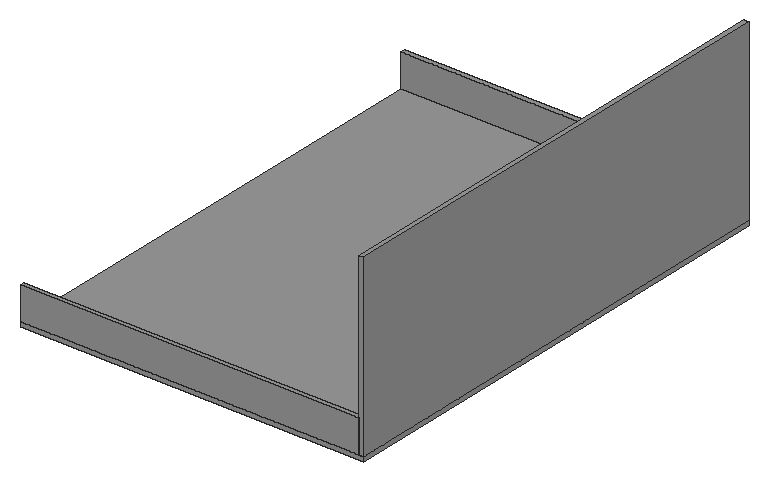
Revit family "Endstück WDKHE80210RW", category Generic Models, Revit 2017
Family settings
  Can host rebar = No
  Round Connector Dimension = Use Diameter
  Part Type = Normal
  Work Plane-Based = No
  Always vertical = Yes
  Cut with Voids When Loaded = No
  Shared = No
  Room Calculation Point = No
Parameters (values of type "WDK HE80210RW")
  Width = 210 mm
  URL = "http://www.obo-bettermann.com"
  Material = Polyvinylchlorid
  Manufacturer Art.No. = "6193391"
  Manufacturer = "OBO BETTERMANN"
  Height = 80 mm
  GTIN = "4012195042587"
  Article Type = "WDK HE80210RW"
Reference planes
  plane 1 "Center (Front/Back)": y = 0
  plane 2: z = 0
  plane 3 "Center (Left/Right)": x = 0
  plane 4: y = 210
  plane 5: x = 150
  plane 6: z = 2
  plane 7: z = 80
  plane 8: z = 16.5
Forms (mm)
  Extrusion 1, solid, material "Polyvinylchlorid" <- "Material"
    sketch origin (0, 0, 0) x (1, 0, 0) y (0, 1, 0)
      loop
        line (0, 210) -> (0, 0) -> (150, 0) -> (150, 210) -> (0, 210)
    from 0 to 2
  Extrusion 2, solid, material "Polyvinylchlorid" <- "Material"
    sketch origin (0, 0, 0) x (1, 0, 0) y (0, 1, 0)
      loop
        line (150, 210) -> (148, 210) -> (148, 0) -> (150, 0) -> (150, 210)
    from 2 to 80
  Extrusion 3, solid, material "Polyvinylchlorid" <- "Material"
    sketch origin (0, 0, 0) x (1, 0, 0) y (0, 1, 0)
      loop
        line (148, 210) -> (0, 210) -> (0, 208) -> (148, 208) -> (148, 210)
      loop
        line (148, 0) -> (148, 2) -> (0, 2) -> (0, 0) -> (148, 0)
    from 2 to 16.5
Dimensions and locks
  locked: Extrusion 1 sketch curve to Extrusion 1 sketch curve at 210
  locked: Extrusion 1 sketch curve to Extrusion 1 sketch curve at 150
  locked: Extrusion 2 sketch curve to Extrusion 1 at 2
  locked: Extrusion 1 to Extrusion 1 at 210
  locked: plane 7 to level at 80
  locked: Extrusion 1 to Extrusion 3 sketch curve at 2
  locked: Extrusion 3 sketch curve to Extrusion 1 at 2
  locked: Extrusion 1 to Extrusion 2 at 148
  locked: plane 8 to plane 6 at 14.5
  aligned and locked: level to plane 2
  aligned and locked: Extrusion 1 to level
  aligned and locked: Extrusion 1 to plane 6
  aligned and locked: Extrusion 2 sketch curve to Extrusion 1
  aligned and locked: plane 1 "Center (Front/Back)" to Extrusion 2
  aligned and locked: Extrusion 2 to Extrusion 1  (x2)
  aligned and locked: plane 7 to Extrusion 2
  aligned and locked: Extrusion 3 sketch curve to Extrusion 1
  aligned and locked: Extrusion 3 sketch curve to plane 3 "Center (Left/Right)"
  aligned and locked: Extrusion 3 to Extrusion 2  (x2)
  aligned and locked: Extrusion 3 to plane 3 "Center (Left/Right)"  (x2)
  aligned and locked: Extrusion 3 to Extrusion 1
  aligned and locked: Extrusion 3 to plane 8
